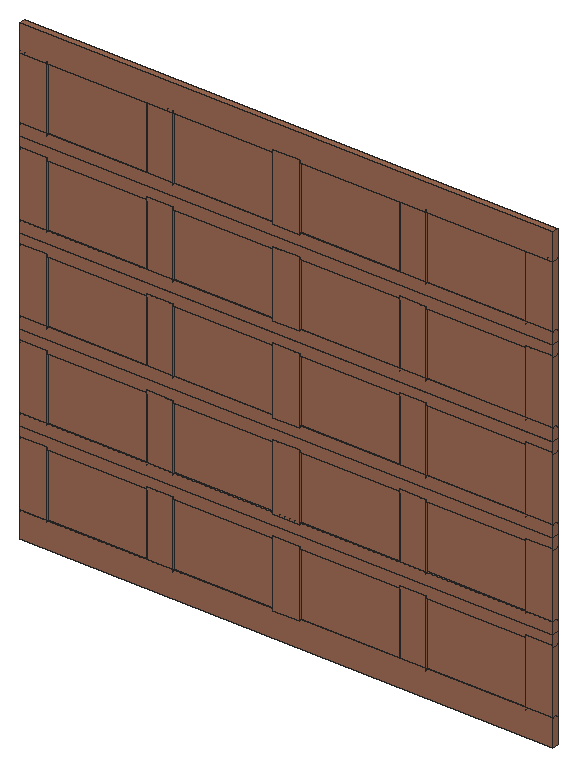
Revit family "GSNGL E 20P", category Doors, host Wall, Revit 2013
Parameters
  Function = Interior
  Frame Projection Ext. = 25 mm
  Frame Projection Int. = 25 mm
  Frame Width = 75 mm
  Height = 2135 mm
  Wall Closure = By host
  Width = 2440 mm
Reference planes
  plane 1: y = 0
  plane 2 "Center (Left/Right)": x = 0
  plane 3 "Left": x = -1220
  plane 4 "Right": x = 1220
  plane 5: z = 2135
  plane 6 "Exterior": y = 75
  plane 7 "Interior": y = -75
  plane 8 "Garage Bottom": y = 75
  plane 9 "Garage Left": x = 1250
  plane 10 "Garage Right": x = -1250
  plane 11 "Garage Top": z = 2170
  plane 12: z = 476
  plane 13: z = 882
  plane 14: z = 1288
  plane 15: z = 1694
Forms (mm)
  Sweep 1, solid, material "Garage Wood"
    path origin (2744.172, 120, 1694) x (1, 0, 0) y (0, 1, 0)
      loop
        line (-3994.172, -225) -> (-1494.172, -225)
    profile "Van Acht 55.5x30 Garage Rail : Van Acht 55.5x30 Garage Rail" origin (0, -105, 1694) x (0, 1, 0) y (0, 0, 1)
      loop
        line (0, 0.046) -> (30, 0.046) -> (30, 46.546) -> (28, 46.546)
        arc (28, 46.546) -> (25.296, 51.527) -> (20, 53.546) r 8.162
        line (20, 53.546) -> (20, 55.546) -> (0, 55.546) -> (0, 0.046)
  Extrusion 2, solid, material "Garage Wood"
    sketch origin (0, 0, 0) x (0, -1, 0) y (0, 0, -1)
      loop
        line (105, -2045) -> (85, -2045) -> (85, -2047)
        arc (85, -2047) -> (79.704, -2049.019) -> (77, -2054) r 8.162
        line (77, -2054) -> (75, -2054) -> (75, -2170) -> (105, -2170) -> (105, -2045)
    from -1250 to 1250
  Extrusion 3, solid, material "Garage Wood"
    sketch origin (3947.972, -275, 1694) x (1, 0, 0) y (0, 1, 0)
      loop
        line (-5072.972, 185) -> (-5072.972, 175) -> (-4604.222, 175) -> (-4604.222, 185) -> (-5072.972, 185)
      loop
        line (-4479.222, 185) -> (-4479.222, 175) -> (-4010.472, 175) -> (-4010.472, 185) -> (-4479.222, 185)
      loop
        line (-2822.972, 185) -> (-3291.722, 185) -> (-3291.722, 175) -> (-2822.972, 175) -> (-2822.972, 185)
      loop
        line (-3416.722, 185) -> (-3885.472, 185) -> (-3885.472, 175) -> (-3416.722, 175) -> (-3416.722, 185)
    from 55.546 to 351
  Sweep 4, solid, material "Garage Wood"
    path origin (2744.172, 120, 1287.954) x (1, 0, 0) y (0, 1, 0)
      loop
        line (-3994.172, -225) -> (-1494.172, -225)
    profile "Van Acht 55.5x30 Garage Rail : Van Acht 55.5x30 Garage Rail" origin (0, -105, 1287.954) x (0, 1, 0) y (0, 0, 1)
      loop
        line (0, 0.046) -> (30, 0.046) -> (30, 46.546) -> (28, 46.546)
        arc (28, 46.546) -> (25.296, 51.527) -> (20, 53.546) r 8.162
        line (20, 53.546) -> (20, 55.546) -> (0, 55.546) -> (0, 0.046)
  Extrusion 5, solid, material "Garage Wood"
    sketch origin (0, 0, 0) x (0, -1, 0) y (0, 0, -1)
      loop
        line (105, -1694.046) -> (105, -1638.546) -> (85, -1638.546) -> (85, -1640.546)
        arc (85, -1640.546) -> (79.704, -1642.565) -> (77, -1647.546) r 8.162
        line (77, -1647.546) -> (75, -1647.546) -> (75, -1694.046) -> (105, -1694.046)
    from -1250 to 1250
  Sweep 6, solid, material "Garage Wood"
    path origin (2744.172, 120, 881.954) x (1, 0, 0) y (0, 1, 0)
      loop
        line (-3994.172, -225) -> (-1494.172, -225)
    profile "Van Acht 55.5x30 Garage Rail : Van Acht 55.5x30 Garage Rail" origin (0, -105, 881.954) x (0, 1, 0) y (0, 0, 1)
      loop
        line (0, 0.046) -> (30, 0.046) -> (30, 46.546) -> (28, 46.546)
        arc (28, 46.546) -> (25.296, 51.527) -> (20, 53.546) r 8.162
        line (20, 53.546) -> (20, 55.546) -> (0, 55.546) -> (0, 0.046)
  Extrusion 7, solid, material "Garage Wood"
    sketch origin (0, 0, -406) x (0, -1, 0) y (0, 0, -1)
      loop
        line (105, -1694.046) -> (105, -1638.546) -> (85, -1638.546) -> (85, -1640.546)
        arc (85, -1640.546) -> (79.704, -1642.565) -> (77, -1647.546) r 8.162
        line (77, -1647.546) -> (75, -1647.546) -> (75, -1694.046) -> (105, -1694.046)
    from -1250 to 1250
  Sweep 8, solid, material "Garage Wood"
    path origin (2744.172, 120, 475.954) x (1, 0, 0) y (0, 1, 0)
      loop
        line (-3994.172, -225) -> (-1494.172, -225)
    profile "Van Acht 55.5x30 Garage Rail : Van Acht 55.5x30 Garage Rail" origin (0, -105, 475.954) x (0, 1, 0) y (0, 0, 1)
      loop
        line (0, 0.046) -> (30, 0.046) -> (30, 46.546) -> (28, 46.546)
        arc (28, 46.546) -> (25.296, 51.527) -> (20, 53.546) r 8.162
        line (20, 53.546) -> (20, 55.546) -> (0, 55.546) -> (0, 0.046)
  Extrusion 9, solid, material "Garage Wood"
    sketch origin (0, 0, -812) x (0, -1, 0) y (0, 0, -1)
      loop
        line (105, -1694.046) -> (105, -1638.546) -> (85, -1638.546) -> (85, -1640.546)
        arc (85, -1640.546) -> (79.704, -1642.565) -> (77, -1647.546) r 8.162
        line (77, -1647.546) -> (75, -1647.546) -> (75, -1694.046) -> (105, -1694.046)
    from -1250 to 1250
  Extrusion 10, solid, material "Garage Wood"
    sketch origin (0, 0, -1218) x (0, -1, 0) y (0, 0, -1)
      loop
        line (105, -1694.046) -> (105, -1638.546) -> (85, -1638.546) -> (85, -1640.546)
        arc (85, -1640.546) -> (79.704, -1642.565) -> (77, -1647.546) r 8.162
        line (77, -1647.546) -> (75, -1647.546) -> (75, -1694.046) -> (105, -1694.046)
    from -1250 to 1250
  Extrusion 11, solid, material "Garage Wood"
    sketch origin (0, 0, 2169.454) x (0, -1, 0) y (0, 0, -1)
      loop
        line (105, 2045) -> (105, 2169.454) -> (75, 2169.454) -> (75, 2053.454) -> (77.097, 2053.454)
        arc (77.097, 2053.454) -> (79.86, 2048.739) -> (84.988, 2046.852) r 8.098
        line (84.988, 2046.852) -> (84.988, 2045) -> (105, 2045)
    from -1250 to 1250
  Extrusion 12, solid, material "Garage Wood"
    sketch origin (3964.172, 300, 1685) x (1, 0, 0) y (0, 1, 0)
      loop
        arc (-5091.172, -385) -> (-5093.191, -379.704) -> (-5098.172, -377) r 8.162
        line (-5098.172, -377) -> (-5098.172, -375) -> (-5214.172, -375) -> (-5214.172, -405) -> (-5089.172, -405) -> (-5089.172, -385) -> (-5091.172, -385)
      loop
        line (-2837.172, -385) -> (-2839.172, -385) -> (-2839.172, -405) -> (-2714.172, -405) -> (-2714.172, -375) -> (-2830.172, -375) -> (-2830.172, -377)
        arc (-2830.172, -377) -> (-2835.153, -379.704) -> (-2837.172, -385) r 8.162
      loop
        arc (-3903.672, -385) -> (-3905.691, -379.704) -> (-3910.672, -377) r 8.162
        line (-3910.672, -377) -> (-3910.672, -375) -> (-4017.672, -375) -> (-4017.672, -377)
        arc (-4017.672, -377) -> (-4022.653, -379.704) -> (-4024.672, -385) r 8.162
        line (-4024.672, -385) -> (-4026.672, -385) -> (-4026.672, -405) -> (-3901.672, -405) -> (-3901.672, -385) -> (-3903.672, -385)
      loop
        arc (-4497.422, -385) -> (-4499.441, -379.704) -> (-4504.422, -377) r 8.162
        line (-4504.422, -377) -> (-4504.422, -375) -> (-4611.422, -375) -> (-4611.422, -377)
        arc (-4611.422, -377) -> (-4616.403, -379.704) -> (-4618.422, -385) r 8.162
        line (-4618.422, -385) -> (-4620.422, -385) -> (-4620.422, -405) -> (-4495.422, -405) -> (-4495.422, -385) -> (-4497.422, -385)
      loop
        line (-3430.922, -385) -> (-3432.922, -385) -> (-3432.922, -405) -> (-3307.922, -405) -> (-3307.922, -385) -> (-3309.922, -385)
        arc (-3309.922, -385) -> (-3311.941, -379.704) -> (-3316.922, -377) r 8.162
        line (-3316.922, -377) -> (-3316.922, -375) -> (-3423.922, -375) -> (-3423.922, -377)
        arc (-3423.922, -377) -> (-3428.903, -379.704) -> (-3430.922, -385) r 8.162
    from 55.546 to 369
  Extrusion 13, solid, material "Garage Wood"
    sketch origin (3964.172, 300, 1250) x (1, 0, 0) y (0, 1, 0)
      loop
        arc (-5091.172, -385) -> (-5093.191, -379.704) -> (-5098.172, -377) r 8.162
        line (-5098.172, -377) -> (-5098.172, -375) -> (-5214.172, -375) -> (-5214.172, -405) -> (-5089.172, -405) -> (-5089.172, -385) -> (-5091.172, -385)
      loop
        line (-2837.172, -385) -> (-2839.172, -385) -> (-2839.172, -405) -> (-2714.172, -405) -> (-2714.172, -375) -> (-2830.172, -375) -> (-2830.172, -377)
        arc (-2830.172, -377) -> (-2835.153, -379.704) -> (-2837.172, -385) r 8.162
      loop
        arc (-3903.672, -385) -> (-3905.691, -379.704) -> (-3910.672, -377) r 8.162
        line (-3910.672, -377) -> (-3910.672, -375) -> (-4017.672, -375) -> (-4017.672, -377)
        arc (-4017.672, -377) -> (-4022.653, -379.704) -> (-4024.672, -385) r 8.162
        line (-4024.672, -385) -> (-4026.672, -385) -> (-4026.672, -405) -> (-3901.672, -405) -> (-3901.672, -385) -> (-3903.672, -385)
      loop
        arc (-4497.422, -385) -> (-4499.441, -379.704) -> (-4504.422, -377) r 8.162
        line (-4504.422, -377) -> (-4504.422, -375) -> (-4611.422, -375) -> (-4611.422, -377)
        arc (-4611.422, -377) -> (-4616.403, -379.704) -> (-4618.422, -385) r 8.162
        line (-4618.422, -385) -> (-4620.422, -385) -> (-4620.422, -405) -> (-4495.422, -405) -> (-4495.422, -385) -> (-4497.422, -385)
      loop
        line (-3430.922, -385) -> (-3432.922, -385) -> (-3432.922, -405) -> (-3307.922, -405) -> (-3307.922, -385) -> (-3309.922, -385)
        arc (-3309.922, -385) -> (-3311.941, -379.704) -> (-3316.922, -377) r 8.162
        line (-3316.922, -377) -> (-3316.922, -375) -> (-3423.922, -375) -> (-3423.922, -377)
        arc (-3423.922, -377) -> (-3428.903, -379.704) -> (-3430.922, -385) r 8.162
    from 84.5 to 397.546
  Extrusion 14, solid, material "Garage Wood"
    sketch origin (3947.972, -275, 1287.546) x (1, 0, 0) y (0, 1, 0)
      loop
        line (-5072.972, 185) -> (-5072.972, 175) -> (-4604.222, 175) -> (-4604.222, 185) -> (-5072.972, 185)
      loop
        line (-4479.222, 185) -> (-4479.222, 175) -> (-4010.472, 175) -> (-4010.472, 185) -> (-4479.222, 185)
      loop
        line (-2822.972, 185) -> (-3291.722, 185) -> (-3291.722, 175) -> (-2822.972, 175) -> (-2822.972, 185)
      loop
        line (-3416.722, 185) -> (-3885.472, 185) -> (-3885.472, 175) -> (-3416.722, 175) -> (-3416.722, 185)
    from 55.954 to 351
  Extrusion 15, solid, material "Garage Wood"
    sketch origin (3947.972, -275, 69.546) x (1, 0, 0) y (0, 1, 0)
      loop
        line (-5072.972, 185) -> (-5072.972, 175) -> (-4604.222, 175) -> (-4604.222, 185) -> (-5072.972, 185)
      loop
        line (-4479.222, 185) -> (-4479.222, 175) -> (-4010.472, 175) -> (-4010.472, 185) -> (-4479.222, 185)
      loop
        line (-2822.972, 185) -> (-3291.722, 185) -> (-3291.722, 175) -> (-2822.972, 175) -> (-2822.972, 185)
      loop
        line (-3416.722, 185) -> (-3885.472, 185) -> (-3885.472, 175) -> (-3416.722, 175) -> (-3416.722, 185)
    from 54.909 to 351
  Extrusion 16, solid, material "Garage Wood"
    sketch origin (3964.172, 300, 60.546) x (1, 0, 0) y (0, 1, 0)
      loop
        arc (-5091.172, -385) -> (-5093.191, -379.704) -> (-5098.172, -377) r 8.162
        line (-5098.172, -377) -> (-5098.172, -375) -> (-5214.172, -375) -> (-5214.172, -405) -> (-5089.172, -405) -> (-5089.172, -385) -> (-5091.172, -385)
      loop
        line (-2837.172, -385) -> (-2839.172, -385) -> (-2839.172, -405) -> (-2714.172, -405) -> (-2714.172, -375) -> (-2830.172, -375) -> (-2830.172, -377)
        arc (-2830.172, -377) -> (-2835.153, -379.704) -> (-2837.172, -385) r 8.162
      loop
        arc (-3903.672, -385) -> (-3905.691, -379.704) -> (-3910.672, -377) r 8.162
        line (-3910.672, -377) -> (-3910.672, -375) -> (-4017.672, -375) -> (-4017.672, -377)
        arc (-4017.672, -377) -> (-4022.653, -379.704) -> (-4024.672, -385) r 8.162
        line (-4024.672, -385) -> (-4026.672, -385) -> (-4026.672, -405) -> (-3901.672, -405) -> (-3901.672, -385) -> (-3903.672, -385)
      loop
        arc (-4497.422, -385) -> (-4499.441, -379.704) -> (-4504.422, -377) r 8.162
        line (-4504.422, -377) -> (-4504.422, -375) -> (-4611.422, -375) -> (-4611.422, -377)
        arc (-4611.422, -377) -> (-4616.403, -379.704) -> (-4618.422, -385) r 8.162
        line (-4618.422, -385) -> (-4620.422, -385) -> (-4620.422, -405) -> (-4495.422, -405) -> (-4495.422, -385) -> (-4497.422, -385)
      loop
        line (-3430.922, -385) -> (-3432.922, -385) -> (-3432.922, -405) -> (-3307.922, -405) -> (-3307.922, -385) -> (-3309.922, -385)
        arc (-3309.922, -385) -> (-3311.941, -379.704) -> (-3316.922, -377) r 8.162
        line (-3316.922, -377) -> (-3316.922, -375) -> (-3423.922, -375) -> (-3423.922, -377)
        arc (-3423.922, -377) -> (-3428.903, -379.704) -> (-3430.922, -385) r 8.162
    from 55.454 to 369
  Extrusion 17, solid, material "Garage Wood"
    sketch origin (3964.172, 300, 844) x (1, 0, 0) y (0, 1, 0)
      loop
        arc (-5091.172, -385) -> (-5093.191, -379.704) -> (-5098.172, -377) r 8.162
        line (-5098.172, -377) -> (-5098.172, -375) -> (-5214.172, -375) -> (-5214.172, -405) -> (-5089.172, -405) -> (-5089.172, -385) -> (-5091.172, -385)
      loop
        line (-2837.172, -385) -> (-2839.172, -385) -> (-2839.172, -405) -> (-2714.172, -405) -> (-2714.172, -375) -> (-2830.172, -375) -> (-2830.172, -377)
        arc (-2830.172, -377) -> (-2835.153, -379.704) -> (-2837.172, -385) r 8.162
      loop
        arc (-3903.672, -385) -> (-3905.691, -379.704) -> (-3910.672, -377) r 8.162
        line (-3910.672, -377) -> (-3910.672, -375) -> (-4017.672, -375) -> (-4017.672, -377)
        arc (-4017.672, -377) -> (-4022.653, -379.704) -> (-4024.672, -385) r 8.162
        line (-4024.672, -385) -> (-4026.672, -385) -> (-4026.672, -405) -> (-3901.672, -405) -> (-3901.672, -385) -> (-3903.672, -385)
      loop
        arc (-4497.422, -385) -> (-4499.441, -379.704) -> (-4504.422, -377) r 8.162
        line (-4504.422, -377) -> (-4504.422, -375) -> (-4611.422, -375) -> (-4611.422, -377)
        arc (-4611.422, -377) -> (-4616.403, -379.704) -> (-4618.422, -385) r 8.162
        line (-4618.422, -385) -> (-4620.422, -385) -> (-4620.422, -405) -> (-4495.422, -405) -> (-4495.422, -385) -> (-4497.422, -385)
      loop
        line (-3430.922, -385) -> (-3432.922, -385) -> (-3432.922, -405) -> (-3307.922, -405) -> (-3307.922, -385) -> (-3309.922, -385)
        arc (-3309.922, -385) -> (-3311.941, -379.704) -> (-3316.922, -377) r 8.162
        line (-3316.922, -377) -> (-3316.922, -375) -> (-3423.922, -375) -> (-3423.922, -377)
        arc (-3423.922, -377) -> (-3428.903, -379.704) -> (-3430.922, -385) r 8.162
    from 84.5 to 397.546
  Extrusion 18, solid, material "Garage Wood"
    sketch origin (3947.972, -275, 881.546) x (1, 0, 0) y (0, 1, 0)
      loop
        line (-5072.972, 185) -> (-5072.972, 175) -> (-4604.222, 175) -> (-4604.222, 185) -> (-5072.972, 185)
      loop
        line (-4479.222, 185) -> (-4479.222, 175) -> (-4010.472, 175) -> (-4010.472, 185) -> (-4479.222, 185)
      loop
        line (-2822.972, 185) -> (-3291.722, 185) -> (-3291.722, 175) -> (-2822.972, 175) -> (-2822.972, 185)
      loop
        line (-3416.722, 185) -> (-3885.472, 185) -> (-3885.472, 175) -> (-3416.722, 175) -> (-3416.722, 185)
    from 55.954 to 351
  Extrusion 19, solid, material "Garage Wood"
    sketch origin (3964.172, 300, 438) x (1, 0, 0) y (0, 1, 0)
      loop
        arc (-5091.172, -385) -> (-5093.191, -379.704) -> (-5098.172, -377) r 8.162
        line (-5098.172, -377) -> (-5098.172, -375) -> (-5214.172, -375) -> (-5214.172, -405) -> (-5089.172, -405) -> (-5089.172, -385) -> (-5091.172, -385)
      loop
        line (-2837.172, -385) -> (-2839.172, -385) -> (-2839.172, -405) -> (-2714.172, -405) -> (-2714.172, -375) -> (-2830.172, -375) -> (-2830.172, -377)
        arc (-2830.172, -377) -> (-2835.153, -379.704) -> (-2837.172, -385) r 8.162
      loop
        arc (-3903.672, -385) -> (-3905.691, -379.704) -> (-3910.672, -377) r 8.162
        line (-3910.672, -377) -> (-3910.672, -375) -> (-4017.672, -375) -> (-4017.672, -377)
        arc (-4017.672, -377) -> (-4022.653, -379.704) -> (-4024.672, -385) r 8.162
        line (-4024.672, -385) -> (-4026.672, -385) -> (-4026.672, -405) -> (-3901.672, -405) -> (-3901.672, -385) -> (-3903.672, -385)
      loop
        arc (-4497.422, -385) -> (-4499.441, -379.704) -> (-4504.422, -377) r 8.162
        line (-4504.422, -377) -> (-4504.422, -375) -> (-4611.422, -375) -> (-4611.422, -377)
        arc (-4611.422, -377) -> (-4616.403, -379.704) -> (-4618.422, -385) r 8.162
        line (-4618.422, -385) -> (-4620.422, -385) -> (-4620.422, -405) -> (-4495.422, -405) -> (-4495.422, -385) -> (-4497.422, -385)
      loop
        line (-3430.922, -385) -> (-3432.922, -385) -> (-3432.922, -405) -> (-3307.922, -405) -> (-3307.922, -385) -> (-3309.922, -385)
        arc (-3309.922, -385) -> (-3311.941, -379.704) -> (-3316.922, -377) r 8.162
        line (-3316.922, -377) -> (-3316.922, -375) -> (-3423.922, -375) -> (-3423.922, -377)
        arc (-3423.922, -377) -> (-3428.903, -379.704) -> (-3430.922, -385) r 8.162
    from 84.5 to 397.546
  Extrusion 20, solid, material "Garage Wood"
    sketch origin (3947.972, -275, 475.546) x (1, 0, 0) y (0, 1, 0)
      loop
        line (-5072.972, 185) -> (-5072.972, 175) -> (-4604.222, 175) -> (-4604.222, 185) -> (-5072.972, 185)
      loop
        line (-4479.222, 185) -> (-4479.222, 175) -> (-4010.472, 175) -> (-4010.472, 185) -> (-4479.222, 185)
      loop
        line (-2822.972, 185) -> (-3291.722, 185) -> (-3291.722, 175) -> (-2822.972, 175) -> (-2822.972, 185)
      loop
        line (-3416.722, 185) -> (-3885.472, 185) -> (-3885.472, 175) -> (-3416.722, 175) -> (-3416.722, 185)
    from 55.954 to 351
Lines and regions (mm)
  Opening 1
    outline origin (-3050, -75, 0) x (1, 0, 0) y (0, 0, 1)
      loop
        line (1830, 0) -> (4270, 0) -> (4270, 2135) -> (1830, 2135) -> (1830, 0)
  symbolic lines, style "Elevation Swing"
    curve 1: line (-1250, -105, 1694) -> (-1250, -2275, 1694)
    curve 2: line (-1250, -2275, 1694) -> (1250, -2275, 1694)
    curve 3: line (1250, -2275, 1694) -> (1250, -105, 1694)
Text (mm)
  text "Exterior" at (-2295.016, 1099.543, 0), in view "Ref. Level"
  text "Exterior" at (0, 1615.38, 3698.081), in view "Left"
  text "Exterior" at (0, 1036.032, 3874.932), in view "Right"
Dimensions and locks
  equal spacing: plane 3 "Left", plane 2 "Center (Left/Right)", plane 4 "Right"
  "Width": plane 3 "Left" to plane 4 "Right"
  "Height": plane 5 to host wall
  host wall to plane 5 = 2135 mm
  host wall to plane 11 "Garage Top" = 2170 mm
  locked: plane 6 "Exterior" to host wall at 0
  locked: plane 7 "Interior" to host wall
  plane 3 "Left" to plane 4 "Right" = 2440 mm
  plane 10 "Garage Right" to plane 9 "Garage Left" = 2500 mm
  plane 11 "Garage Top" to plane 15 to plane 14 to plane 13 to plane 12 to level = 476 mm, 406 mm, 406 mm, 406 mm, 476 mm
  aligned and locked: plane 3 "Left" to Opening 1 sketch curve
  aligned and locked: plane 5 to Opening 1 sketch curve  (x2)
  aligned and locked: Opening 1 sketch curve to plane 4 "Right"
  aligned and locked: Opening 1 sketch curve to level
  aligned and locked: host wall to plane 1
  aligned and locked: Extrusion 10 to plane 10 "Garage Right"
  aligned and locked: Extrusion 9 to plane 10 "Garage Right"
  aligned and locked: Extrusion 7 to plane 10 "Garage Right"
  aligned and locked: Extrusion 5 to plane 10 "Garage Right"
  aligned and locked: Extrusion 2 to plane 10 "Garage Right"
  aligned and locked: Extrusion 11 to plane 10 "Garage Right"
  aligned and locked: Extrusion 11 to plane 9 "Garage Left"
  aligned and locked: Extrusion 2 to plane 9 "Garage Left"
  aligned and locked: Extrusion 5 to plane 9 "Garage Left"
  aligned and locked: Extrusion 9 to plane 9 "Garage Left"
  aligned and locked: Extrusion 10 to plane 9 "Garage Left"
  aligned and locked: Extrusion 7 to plane 9 "Garage Left"
  aligned and locked: Extrusion 12 to Extrusion 2
  aligned and locked: Extrusion 12 to Sweep 1
  aligned and locked: Extrusion 3 to Extrusion 2
  aligned and locked: Extrusion 3 to Extrusion 12  (x2)
  aligned and locked: Extrusion 3 to Sweep 1
  aligned and locked: Extrusion 13 to Extrusion 5
  aligned and locked: Extrusion 13 to Sweep 4
  aligned and locked: Extrusion 14 to Sweep 4
  aligned and locked: Extrusion 14 to Extrusion 5
  aligned and locked: Extrusion 15 to Extrusion 16  (x2)
  aligned and locked: Extrusion 16 to Extrusion 11
  aligned and locked: Extrusion 15 to Extrusion 11
Automatic sketch dimensions
  Sweep 1 sketch curve to plane 10 "Garage Right" = 0 mm
  Sweep 1 sketch curve to plane 9 "Garage Left" = 0 mm
  plane 7 "Interior" to Sweep 1 sketch curve = 30 mm
  Extrusion 2 sketch curve to host wall = 0 mm
  plane 11 "Garage Top" to Extrusion 2 sketch curve = 0 mm
  Extrusion 2 sketch curve to host wall = 10 mm
  Extrusion 2 sketch curve to plane 5 = 90 mm
  Extrusion 2 sketch curve to Extrusion 2 sketch curve = 2 mm  (x2)
  Extrusion 2 sketch curve to Extrusion 2 sketch curve = 20 mm
  Extrusion 2 sketch curve to Extrusion 2 sketch curve = 8.079 mm
  Extrusion 2 sketch curve to Extrusion 2 sketch curve = 7 mm
  host wall to Extrusion 3 sketch curve = 15 mm  (x4)
  Extrusion 3 sketch curve to plane 3 "Left" = 95 mm
  host wall to Extrusion 3 sketch curve = 25 mm  (x3)
  Extrusion 3 sketch curve to Extrusion 3 sketch curve = 468.75 mm  (x2)
  Extrusion 3 sketch curve to Extrusion 3 sketch curve = 125 mm  (x2)
  Extrusion 3 sketch curve to plane 2 "Center (Left/Right)" = 62.5 mm
  plane 2 "Center (Left/Right)" to Extrusion 3 sketch curve = 62.5 mm
  plane 4 "Right" to Extrusion 3 sketch curve = 95 mm
  Extrusion 3 sketch curve to Extrusion 3 sketch curve = 10 mm
  Sweep 4 sketch curve to plane 10 "Garage Right" = 0 mm
  Sweep 4 sketch curve to plane 9 "Garage Left" = 0 mm
  plane 7 "Interior" to Sweep 4 sketch curve = 30 mm
  Extrusion 5 sketch curve to host wall = 0 mm
  Extrusion 5 sketch curve to host wall = 10 mm
  plane 15 to Extrusion 5 sketch curve = 55.454 mm
  Extrusion 5 sketch curve to host wall = 2 mm
  Extrusion 5 sketch curve to plane 15 = 0.046 mm
  Extrusion 5 sketch curve to host wall = 30 mm
  Extrusion 5 sketch curve to Extrusion 5 sketch curve = 0.079 mm
  Extrusion 5 sketch curve to Extrusion 5 sketch curve = 2 mm
  Extrusion 5 sketch curve to Extrusion 5 sketch curve = 7 mm
  Sweep 6 sketch curve to plane 10 "Garage Right" = 0 mm
  Sweep 6 sketch curve to plane 9 "Garage Left" = 0 mm
  plane 7 "Interior" to Sweep 6 sketch curve = 30 mm
  Extrusion 7 sketch curve to host wall = 0 mm
  Extrusion 7 sketch curve to host wall = 10 mm
  plane 14 to Extrusion 7 sketch curve = 55.454 mm
  Extrusion 7 sketch curve to host wall = 2 mm
  Extrusion 7 sketch curve to plane 14 = 0.046 mm
  Extrusion 7 sketch curve to host wall = 30 mm
  Extrusion 7 sketch curve to Extrusion 7 sketch curve = 0.079 mm
  Extrusion 7 sketch curve to Extrusion 7 sketch curve = 2 mm
  Extrusion 7 sketch curve to Extrusion 7 sketch curve = 7 mm
  Sweep 8 sketch curve to plane 10 "Garage Right" = 0 mm
  Sweep 8 sketch curve to plane 9 "Garage Left" = 0 mm
  plane 7 "Interior" to Sweep 8 sketch curve = 30 mm
  Extrusion 9 sketch curve to host wall = 0 mm
  Extrusion 9 sketch curve to host wall = 10 mm
  plane 13 to Extrusion 9 sketch curve = 55.454 mm
  Extrusion 9 sketch curve to host wall = 2 mm
  Extrusion 9 sketch curve to plane 13 = 0.046 mm
  Extrusion 9 sketch curve to host wall = 30 mm
  Extrusion 9 sketch curve to Extrusion 9 sketch curve = 0.079 mm
  Extrusion 9 sketch curve to Extrusion 9 sketch curve = 2 mm
  Extrusion 9 sketch curve to Extrusion 9 sketch curve = 7 mm
  Extrusion 10 sketch curve to host wall = 0 mm
  Extrusion 10 sketch curve to host wall = 10 mm
  plane 12 to Extrusion 10 sketch curve = 55.454 mm
  Extrusion 10 sketch curve to host wall = 2 mm
  Extrusion 10 sketch curve to plane 12 = 0.046 mm
  Extrusion 10 sketch curve to host wall = 30 mm
  Extrusion 10 sketch curve to Extrusion 10 sketch curve = 0.079 mm
  Extrusion 10 sketch curve to Extrusion 10 sketch curve = 2 mm
  Extrusion 10 sketch curve to Extrusion 10 sketch curve = 7 mm
  Extrusion 11 sketch curve to host wall = 0 mm
  Extrusion 11 sketch curve to level = 0 mm
  host wall to Extrusion 11 sketch curve = 9.988 mm
  level to Extrusion 11 sketch curve = 124.454 mm
  Extrusion 11 sketch curve to Extrusion 11 sketch curve = 2.097 mm
  Extrusion 11 sketch curve to Extrusion 11 sketch curve = 20.012 mm
  Extrusion 11 sketch curve to Extrusion 11 sketch curve = 0.068 mm
  Extrusion 11 sketch curve to Extrusion 11 sketch curve = 1.852 mm
  Extrusion 11 sketch curve to Extrusion 11 sketch curve = 6.602 mm
  curve 1 to plane 10 "Garage Right" = 0 mm
  curve 2 to plane 9 "Garage Left" = 0 mm
  host wall to curve 1 = 2200 mm
  host wall to curve 3 = 30 mm
  host wall to curve 1 = 30 mm
  Extrusion 12 sketch curve to plane 10 "Garage Right" = 0 mm
  host wall to Extrusion 12 sketch curve = 0 mm  (x5)
  Extrusion 12 sketch curve to plane 9 "Garage Left" = 0 mm
  host wall to Extrusion 12 sketch curve = 30 mm  (x4)
  Extrusion 12 sketch curve to plane 3 "Left" = 86 mm
  Extrusion 12 sketch curve to Extrusion 12 sketch curve = 7 mm  (x8)
  Extrusion 12 sketch curve to Extrusion 12 sketch curve = 2 mm  (x15)
  Extrusion 12 sketch curve to Extrusion 12 sketch curve = 468.75 mm  (x2)
  Extrusion 12 sketch curve to Extrusion 12 sketch curve = 107 mm  (x2)
  Extrusion 12 sketch curve to plane 2 "Center (Left/Right)" = 62.5 mm
  plane 2 "Center (Left/Right)" to Extrusion 12 sketch curve = 53.5 mm
  host wall to Extrusion 12 sketch curve = 2 mm
  host wall to Extrusion 12 sketch curve = 10 mm  (x8)
  plane 4 "Right" to Extrusion 12 sketch curve = 95 mm
  Extrusion 12 sketch curve to Extrusion 12 sketch curve = 1.161 mm  (x3)
  Extrusion 12 sketch curve to Extrusion 12 sketch curve = 8.161 mm  (x5)
  Extrusion 12 sketch curve to Extrusion 12 sketch curve = 30 mm
  Extrusion 13 sketch curve to plane 10 "Garage Right" = 0 mm
  host wall to Extrusion 13 sketch curve = 0 mm  (x5)
  Extrusion 13 sketch curve to plane 9 "Garage Left" = 0 mm
  host wall to Extrusion 13 sketch curve = 30 mm  (x4)
  Extrusion 13 sketch curve to plane 3 "Left" = 86 mm
  Extrusion 13 sketch curve to Extrusion 13 sketch curve = 7 mm  (x8)
  Extrusion 13 sketch curve to Extrusion 13 sketch curve = 2 mm  (x15)
  Extrusion 13 sketch curve to Extrusion 13 sketch curve = 468.75 mm  (x2)
  Extrusion 13 sketch curve to Extrusion 13 sketch curve = 107 mm  (x2)
  Extrusion 13 sketch curve to plane 2 "Center (Left/Right)" = 62.5 mm
  plane 2 "Center (Left/Right)" to Extrusion 13 sketch curve = 53.5 mm
  host wall to Extrusion 13 sketch curve = 2 mm
  host wall to Extrusion 13 sketch curve = 10 mm  (x8)
  plane 4 "Right" to Extrusion 13 sketch curve = 95 mm
  Extrusion 13 sketch curve to Extrusion 13 sketch curve = 1.161 mm  (x4)
  Extrusion 13 sketch curve to Extrusion 13 sketch curve = 8.161 mm  (x4)
  Extrusion 13 sketch curve to Extrusion 13 sketch curve = 30 mm
  host wall to Extrusion 14 sketch curve = 15 mm  (x4)
  Extrusion 14 sketch curve to plane 3 "Left" = 95 mm
  host wall to Extrusion 14 sketch curve = 25 mm  (x3)
  Extrusion 14 sketch curve to Extrusion 14 sketch curve = 468.75 mm  (x2)
  Extrusion 14 sketch curve to Extrusion 14 sketch curve = 125 mm  (x2)
  Extrusion 14 sketch curve to plane 2 "Center (Left/Right)" = 62.5 mm
  plane 2 "Center (Left/Right)" to Extrusion 14 sketch curve = 62.5 mm
  plane 4 "Right" to Extrusion 14 sketch curve = 95 mm
  Extrusion 14 sketch curve to Extrusion 14 sketch curve = 10 mm
  host wall to Extrusion 15 sketch curve = 15 mm  (x4)
  Extrusion 15 sketch curve to plane 3 "Left" = 95 mm
  host wall to Extrusion 15 sketch curve = 25 mm  (x3)
  Extrusion 15 sketch curve to Extrusion 15 sketch curve = 468.75 mm  (x2)
  Extrusion 15 sketch curve to Extrusion 15 sketch curve = 125 mm  (x2)
  Extrusion 15 sketch curve to plane 2 "Center (Left/Right)" = 62.5 mm
  plane 2 "Center (Left/Right)" to Extrusion 15 sketch curve = 62.5 mm
  plane 4 "Right" to Extrusion 15 sketch curve = 95 mm
  Extrusion 15 sketch curve to Extrusion 15 sketch curve = 10 mm
  Extrusion 16 sketch curve to plane 10 "Garage Right" = 0 mm
  host wall to Extrusion 16 sketch curve = 0 mm  (x5)
  Extrusion 16 sketch curve to plane 9 "Garage Left" = 0 mm
  host wall to Extrusion 16 sketch curve = 30 mm  (x4)
  Extrusion 16 sketch curve to plane 3 "Left" = 86 mm
  Extrusion 16 sketch curve to Extrusion 16 sketch curve = 7 mm  (x8)
  Extrusion 16 sketch curve to Extrusion 16 sketch curve = 2 mm  (x15)
  Extrusion 16 sketch curve to Extrusion 16 sketch curve = 468.75 mm  (x2)
  Extrusion 16 sketch curve to Extrusion 16 sketch curve = 107 mm  (x2)
  Extrusion 16 sketch curve to plane 2 "Center (Left/Right)" = 62.5 mm
  plane 2 "Center (Left/Right)" to Extrusion 16 sketch curve = 53.5 mm
  host wall to Extrusion 16 sketch curve = 2 mm
  host wall to Extrusion 16 sketch curve = 10 mm  (x8)
  plane 4 "Right" to Extrusion 16 sketch curve = 95 mm
  Extrusion 16 sketch curve to Extrusion 16 sketch curve = 1.161 mm  (x4)
  Extrusion 16 sketch curve to Extrusion 16 sketch curve = 8.161 mm  (x4)
  Extrusion 16 sketch curve to Extrusion 16 sketch curve = 30 mm
  Extrusion 17 sketch curve to plane 10 "Garage Right" = 0 mm
  host wall to Extrusion 17 sketch curve = 0 mm  (x5)
  Extrusion 17 sketch curve to plane 9 "Garage Left" = 0 mm
  host wall to Extrusion 17 sketch curve = 30 mm  (x4)
  Extrusion 17 sketch curve to plane 3 "Left" = 86 mm
  Extrusion 17 sketch curve to Extrusion 17 sketch curve = 7 mm  (x8)
  Extrusion 17 sketch curve to Extrusion 17 sketch curve = 2 mm  (x15)
  Extrusion 17 sketch curve to Extrusion 17 sketch curve = 468.75 mm  (x2)
  Extrusion 17 sketch curve to Extrusion 17 sketch curve = 107 mm  (x2)
  Extrusion 17 sketch curve to plane 2 "Center (Left/Right)" = 62.5 mm
  plane 2 "Center (Left/Right)" to Extrusion 17 sketch curve = 53.5 mm
  host wall to Extrusion 17 sketch curve = 2 mm
  host wall to Extrusion 17 sketch curve = 10 mm  (x8)
  plane 4 "Right" to Extrusion 17 sketch curve = 95 mm
  Extrusion 17 sketch curve to Extrusion 17 sketch curve = 1.161 mm  (x4)
  Extrusion 17 sketch curve to Extrusion 17 sketch curve = 8.161 mm  (x4)
  Extrusion 17 sketch curve to Extrusion 17 sketch curve = 30 mm
  host wall to Extrusion 18 sketch curve = 15 mm  (x4)
  Extrusion 18 sketch curve to plane 3 "Left" = 95 mm
  host wall to Extrusion 18 sketch curve = 25 mm  (x3)
  Extrusion 18 sketch curve to Extrusion 18 sketch curve = 468.75 mm  (x2)
  Extrusion 18 sketch curve to Extrusion 18 sketch curve = 125 mm  (x2)
  Extrusion 18 sketch curve to plane 2 "Center (Left/Right)" = 62.5 mm
  plane 2 "Center (Left/Right)" to Extrusion 18 sketch curve = 62.5 mm
  plane 4 "Right" to Extrusion 18 sketch curve = 95 mm
  Extrusion 18 sketch curve to Extrusion 18 sketch curve = 10 mm
  Extrusion 19 sketch curve to plane 10 "Garage Right" = 0 mm
  host wall to Extrusion 19 sketch curve = 0 mm  (x5)
  Extrusion 19 sketch curve to plane 9 "Garage Left" = 0 mm
  host wall to Extrusion 19 sketch curve = 30 mm  (x4)
  Extrusion 19 sketch curve to plane 3 "Left" = 86 mm
  Extrusion 19 sketch curve to Extrusion 19 sketch curve = 7 mm  (x8)
  Extrusion 19 sketch curve to Extrusion 19 sketch curve = 2 mm  (x15)
  Extrusion 19 sketch curve to Extrusion 19 sketch curve = 468.75 mm  (x2)
  Extrusion 19 sketch curve to Extrusion 19 sketch curve = 107 mm  (x2)
  Extrusion 19 sketch curve to plane 2 "Center (Left/Right)" = 62.5 mm
  plane 2 "Center (Left/Right)" to Extrusion 19 sketch curve = 53.5 mm
  host wall to Extrusion 19 sketch curve = 2 mm
  host wall to Extrusion 19 sketch curve = 10 mm  (x8)
  plane 4 "Right" to Extrusion 19 sketch curve = 95 mm
  Extrusion 19 sketch curve to Extrusion 19 sketch curve = 1.161 mm  (x4)
  Extrusion 19 sketch curve to Extrusion 19 sketch curve = 8.161 mm  (x4)
  Extrusion 19 sketch curve to Extrusion 19 sketch curve = 30 mm
  host wall to Extrusion 20 sketch curve = 15 mm  (x4)
  Extrusion 20 sketch curve to plane 3 "Left" = 95 mm
  host wall to Extrusion 20 sketch curve = 25 mm  (x3)
  Extrusion 20 sketch curve to Extrusion 20 sketch curve = 468.75 mm  (x2)
  Extrusion 20 sketch curve to Extrusion 20 sketch curve = 125 mm  (x2)
  Extrusion 20 sketch curve to plane 2 "Center (Left/Right)" = 62.5 mm
  plane 2 "Center (Left/Right)" to Extrusion 20 sketch curve = 62.5 mm
  plane 4 "Right" to Extrusion 20 sketch curve = 95 mm
  Extrusion 20 sketch curve to Extrusion 20 sketch curve = 10 mm
